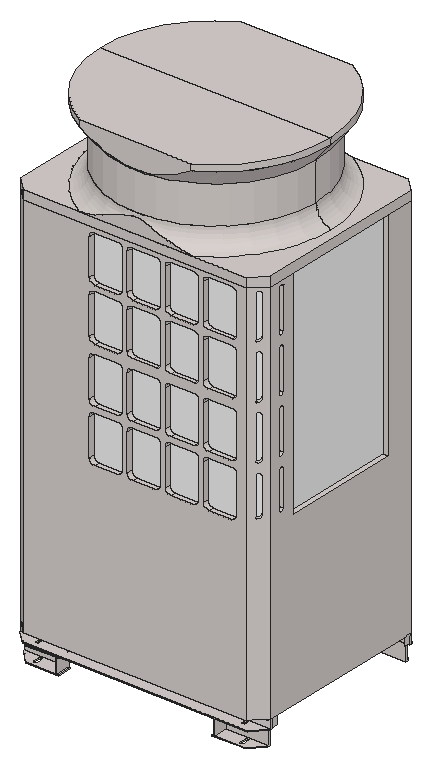
Revit family "PURY-EM200YNW-A", category Mechanical Equipment, Revit 2016
Family settings
  Part Type = Normal
  Round Connector Dimension = Use Radius
  OmniClass Number = 23.75.00.00
  OmniClass Title = Climate Control (HVAC)
  Work Plane-Based = No
  Always vertical = Yes
  Cut with Voids When Loaded = No
  Shared = No
  Room Calculation Point = No
Parameters (values of type "PURY-EM200YNW-A _380V_50Hz")
  Temp. range of heating (Outdoor temp.) (W.B.) = "-20.0 to 15.5"
  Temp. range of heating (Indoor temp.) (D.B.) = "15.0 to 27.0"
  Temp. range of cooling (Outdoor temp.) (D.B.) = "-5.0 to 52.0"
  Temp. range of cooling (Indoor temp.) (W.B.) = "15.0 to 24.0"
  Space View = yes
  Sound Pressure Level (dB(A)) Heating mode = 59
  Sound Pressure Level (dB(A)) Cooling mode = 59
  Rated Load Ampacity (A) Heating mode = 11.4
  Rated Load Ampacity (A) Cooling mode = 10.3
  Protection Devices_High pressure (MPa) = "High pressure sensor, High pressure switch at 4.15"
  Outdoor unit Breaker size (A) = 30
  Note_1 = "Refrigerant pipe diameters may change depending on the installation condition. Please refer to the installation manual."
  Model = "PURY-EM200YNW-A"
  Width = 920 mm
  Voltage = 380 V
  Unit Weight (kg) = 237
  URL = "http://www.mitsubishielectric.com/"
  Subcategory = "HVAC"
  Refrigerant type = "R32"
  Refrigerant Charge (kg) = 5.2
  Protection Devices_Inverter circuit (COMP./FAN) = "Over-heat protection, Over-current protection"
  Phase = 3
  Manufacturer = "Mitsubishi Electric Corporation"
  Maximum Circuit Ampacity (A) = 16.1
  Low pressure pipe_radius = 9.5 mm
  Indoor Unit Total Capacity = "50 to 150% of outdoor unit capacity"
  Indoor Unit Model/Quantity = "WP10 to WP125/1 to 30"
  High pressure pipe_radius = 7.94 mm
  Hertz = 50 Hz
  Height = 1858 mm
  Heating Power Input (kW) = 6.77
  Heating Current (A) = 11.4
  Heating Capacity (kW) = 25
  Heating COP (kW/kW) = 3.69
  Fan_Type = "Propeller Fan"
  Fan_Quantity = 1
  Fan Motor Output (kW) = 0.92
  External static pressure (Pa) = 0
  External Finish = "Pre-coated galvanized steel sheets (+powder coating for -BS type) <MUNSELL 5Y 8/1 or similar>"
  Depth = 740 mm
  Cooling Power Input (kW) = 6.15
  Cooling EER (kW/kW) = 3.64
  Cooling Current (A) = 10.3
  Cooling Capacity (kW) = 22.4
  Compressor_Type = "Inverter scroll hermetic compressor"
  Compressor_Quantity = 1
  Compressor_Lubricant = "MEL46EH"
  Compressor Motor Output (kW) = 6
  Airflow Rate (m3/min) = 170
  Airflow Rate (m3/h) = 10200
Reference planes
  plane 1 "Center (Front/Back)": y = 0
  plane 2: z = 0
  plane 3 "Center (Left/Right)": x = 0
  plane 4 "11": through (-415, 370, 1200) normal (0.7071, -0.7071, 0)
  plane 5 "22": through (-415, -370, 1200) normal (-0.7071, -0.7071, 0)
  plane 6 "44": through (460, 325, 1200) normal (-0.7071, -0.7071, 0)
  plane 7 "33": through (460, -325, 1200) normal (0.7071, -0.7071, 0)
  plane 8: z = 754.5
  plane 9: z = 909.5
  plane 10: x = -300
  plane 11: x = -217
  plane 12: y = 370
  plane 13: y = -370
  plane 14: x = -460
  plane 15: x = 460
  plane 16: z = 1858
Forms (mm)
  Extrusion 1, solid, material "Paint_5Y 8/1"
    sketch origin (0, 0, 113) x (-1, 0, 0) y (0, -1, 0)
      loop
        line (410, -370) -> (460, -320) -> (460, 320) -> (410, 370) -> (-410, 370) -> (-460, 320) -> (-460, -320) -> (-410, -370) -> (410, -370)
    from -18 to 1408
  Extrusion 2, void
    sketch origin (410, -370, 113) x (1, 0, 0) y (0, 0, -1)
      loop
        arc (-55, -1393.5) -> (-40.858, -1387.642) -> (-35, -1373.5) r 20
        line (-35, -1373.5) -> (-35, -1238.676)
        arc (-35, -1238.676) -> (-40.858, -1224.534) -> (-55, -1218.676) r 20
        line (-55, -1218.676) -> (-139.8, -1218.676)
        arc (-139.8, -1218.676) -> (-153.942, -1224.534) -> (-159.8, -1238.676) r 20
        line (-159.8, -1238.676) -> (-159.8, -1373.5)
        arc (-159.8, -1373.5) -> (-153.942, -1387.642) -> (-139.8, -1393.5) r 20
        line (-139.8, -1393.5) -> (-55, -1393.5)
    from 0 to 20
  Extrusion 3, void
    sketch origin (270, -370, 113) x (1, 0, 0) y (0, 0, -1)
      loop
        arc (-55, -1393.5) -> (-40.858, -1387.642) -> (-35, -1373.5) r 20
        line (-35, -1373.5) -> (-35, -1238.676)
        arc (-35, -1238.676) -> (-40.858, -1224.534) -> (-55, -1218.676) r 20
        line (-55, -1218.676) -> (-139.8, -1218.676)
        arc (-139.8, -1218.676) -> (-153.942, -1224.534) -> (-159.8, -1238.676) r 20
        line (-159.8, -1238.676) -> (-159.8, -1373.5)
        arc (-159.8, -1373.5) -> (-153.942, -1387.642) -> (-139.8, -1393.5) r 20
        line (-139.8, -1393.5) -> (-55, -1393.5)
    from 0 to 20
  Extrusion 4, void
    sketch origin (130, -370, 113) x (1, 0, 0) y (0, 0, -1)
      loop
        arc (-55, -1393.5) -> (-40.858, -1387.642) -> (-35, -1373.5) r 20
        line (-35, -1373.5) -> (-35, -1238.676)
        arc (-35, -1238.676) -> (-40.858, -1224.534) -> (-55, -1218.676) r 20
        line (-55, -1218.676) -> (-139.8, -1218.676)
        arc (-139.8, -1218.676) -> (-153.942, -1224.534) -> (-159.8, -1238.676) r 20
        line (-159.8, -1238.676) -> (-159.8, -1373.5)
        arc (-159.8, -1373.5) -> (-153.942, -1387.642) -> (-139.8, -1393.5) r 20
        line (-139.8, -1393.5) -> (-55, -1393.5)
    from 0 to 20
  Extrusion 5, void
    sketch origin (-10, -370, 113) x (1, 0, 0) y (0, 0, -1)
      loop
        arc (-55, -1393.5) -> (-40.858, -1387.642) -> (-35, -1373.5) r 20
        line (-35, -1373.5) -> (-35, -1238.676)
        arc (-35, -1238.676) -> (-40.858, -1224.534) -> (-55, -1218.676) r 20
        line (-55, -1218.676) -> (-139.8, -1218.676)
        arc (-139.8, -1218.676) -> (-153.942, -1224.534) -> (-159.8, -1238.676) r 20
        line (-159.8, -1238.676) -> (-159.8, -1373.5)
        arc (-159.8, -1373.5) -> (-153.942, -1387.642) -> (-139.8, -1393.5) r 20
        line (-139.8, -1393.5) -> (-55, -1393.5)
    from 0 to 20
  Extrusion 6, void
    sketch origin (410, -370, -81) x (1, 0, 0) y (0, 0, -1)
      loop
        arc (-55, -1393.5) -> (-40.858, -1387.642) -> (-35, -1373.5) r 20
        line (-35, -1373.5) -> (-35, -1238.676)
        arc (-35, -1238.676) -> (-40.858, -1224.534) -> (-55, -1218.676) r 20
        line (-55, -1218.676) -> (-139.8, -1218.676)
        arc (-139.8, -1218.676) -> (-153.942, -1224.534) -> (-159.8, -1238.676) r 20
        line (-159.8, -1238.676) -> (-159.8, -1373.5)
        arc (-159.8, -1373.5) -> (-153.942, -1387.642) -> (-139.8, -1393.5) r 20
        line (-139.8, -1393.5) -> (-55, -1393.5)
    from 0 to 20
  Extrusion 7, void
    sketch origin (270, -370, -81) x (1, 0, 0) y (0, 0, -1)
      loop
        arc (-55, -1393.5) -> (-40.858, -1387.642) -> (-35, -1373.5) r 20
        line (-35, -1373.5) -> (-35, -1238.676)
        arc (-35, -1238.676) -> (-40.858, -1224.534) -> (-55, -1218.676) r 20
        line (-55, -1218.676) -> (-139.8, -1218.676)
        arc (-139.8, -1218.676) -> (-153.942, -1224.534) -> (-159.8, -1238.676) r 20
        line (-159.8, -1238.676) -> (-159.8, -1373.5)
        arc (-159.8, -1373.5) -> (-153.942, -1387.642) -> (-139.8, -1393.5) r 20
        line (-139.8, -1393.5) -> (-55, -1393.5)
    from 0 to 20
  Extrusion 8, void
    sketch origin (130, -370, -81) x (1, 0, 0) y (0, 0, -1)
      loop
        arc (-55, -1393.5) -> (-40.858, -1387.642) -> (-35, -1373.5) r 20
        line (-35, -1373.5) -> (-35, -1238.676)
        arc (-35, -1238.676) -> (-40.858, -1224.534) -> (-55, -1218.676) r 20
        line (-55, -1218.676) -> (-139.8, -1218.676)
        arc (-139.8, -1218.676) -> (-153.942, -1224.534) -> (-159.8, -1238.676) r 20
        line (-159.8, -1238.676) -> (-159.8, -1373.5)
        arc (-159.8, -1373.5) -> (-153.942, -1387.642) -> (-139.8, -1393.5) r 20
        line (-139.8, -1393.5) -> (-55, -1393.5)
    from 0 to 20
  Extrusion 9, void
    sketch origin (-10, -370, -81) x (1, 0, 0) y (0, 0, -1)
      loop
        arc (-55, -1393.5) -> (-40.858, -1387.642) -> (-35, -1373.5) r 20
        line (-35, -1373.5) -> (-35, -1238.676)
        arc (-35, -1238.676) -> (-40.858, -1224.534) -> (-55, -1218.676) r 20
        line (-55, -1218.676) -> (-139.8, -1218.676)
        arc (-139.8, -1218.676) -> (-153.942, -1224.534) -> (-159.8, -1238.676) r 20
        line (-159.8, -1238.676) -> (-159.8, -1373.5)
        arc (-159.8, -1373.5) -> (-153.942, -1387.642) -> (-139.8, -1393.5) r 20
        line (-139.8, -1393.5) -> (-55, -1393.5)
    from 0 to 20
  Extrusion 10, void
    sketch origin (410, -370, -287) x (1, 0, 0) y (0, 0, -1)
      loop
        arc (-55, -1393.5) -> (-40.858, -1387.642) -> (-35, -1373.5) r 20
        line (-35, -1373.5) -> (-35, -1238.676)
        arc (-35, -1238.676) -> (-40.858, -1224.534) -> (-55, -1218.676) r 20
        line (-55, -1218.676) -> (-139.8, -1218.676)
        arc (-139.8, -1218.676) -> (-153.942, -1224.534) -> (-159.8, -1238.676) r 20
        line (-159.8, -1238.676) -> (-159.8, -1373.5)
        arc (-159.8, -1373.5) -> (-153.942, -1387.642) -> (-139.8, -1393.5) r 20
        line (-139.8, -1393.5) -> (-55, -1393.5)
    from 0 to 20
  Extrusion 11, void
    sketch origin (270, -370, -287) x (1, 0, 0) y (0, 0, -1)
      loop
        arc (-55, -1393.5) -> (-40.858, -1387.642) -> (-35, -1373.5) r 20
        line (-35, -1373.5) -> (-35, -1238.676)
        arc (-35, -1238.676) -> (-40.858, -1224.534) -> (-55, -1218.676) r 20
        line (-55, -1218.676) -> (-139.8, -1218.676)
        arc (-139.8, -1218.676) -> (-153.942, -1224.534) -> (-159.8, -1238.676) r 20
        line (-159.8, -1238.676) -> (-159.8, -1373.5)
        arc (-159.8, -1373.5) -> (-153.942, -1387.642) -> (-139.8, -1393.5) r 20
        line (-139.8, -1393.5) -> (-55, -1393.5)
    from 0 to 20
  Extrusion 12, void
    sketch origin (130, -370, -287) x (1, 0, 0) y (0, 0, -1)
      loop
        arc (-55, -1393.5) -> (-40.858, -1387.642) -> (-35, -1373.5) r 20
        line (-35, -1373.5) -> (-35, -1238.676)
        arc (-35, -1238.676) -> (-40.858, -1224.534) -> (-55, -1218.676) r 20
        line (-55, -1218.676) -> (-139.8, -1218.676)
        arc (-139.8, -1218.676) -> (-153.942, -1224.534) -> (-159.8, -1238.676) r 20
        line (-159.8, -1238.676) -> (-159.8, -1373.5)
        arc (-159.8, -1373.5) -> (-153.942, -1387.642) -> (-139.8, -1393.5) r 20
        line (-139.8, -1393.5) -> (-55, -1393.5)
    from 0 to 20
  Extrusion 13, void
    sketch origin (-10, -370, -287) x (1, 0, 0) y (0, 0, -1)
      loop
        arc (-55, -1393.5) -> (-40.858, -1387.642) -> (-35, -1373.5) r 20
        line (-35, -1373.5) -> (-35, -1238.676)
        arc (-35, -1238.676) -> (-40.858, -1224.534) -> (-55, -1218.676) r 20
        line (-55, -1218.676) -> (-139.8, -1218.676)
        arc (-139.8, -1218.676) -> (-153.942, -1224.534) -> (-159.8, -1238.676) r 20
        line (-159.8, -1238.676) -> (-159.8, -1373.5)
        arc (-159.8, -1373.5) -> (-153.942, -1387.642) -> (-139.8, -1393.5) r 20
        line (-139.8, -1393.5) -> (-55, -1393.5)
    from 0 to 20
  Extrusion 14, void
    sketch origin (410, -370, -481) x (1, 0, 0) y (0, 0, -1)
      loop
        arc (-55, -1393.5) -> (-40.858, -1387.642) -> (-35, -1373.5) r 20
        line (-35, -1373.5) -> (-35, -1238.676)
        arc (-35, -1238.676) -> (-40.858, -1224.534) -> (-55, -1218.676) r 20
        line (-55, -1218.676) -> (-139.8, -1218.676)
        arc (-139.8, -1218.676) -> (-153.942, -1224.534) -> (-159.8, -1238.676) r 20
        line (-159.8, -1238.676) -> (-159.8, -1373.5)
        arc (-159.8, -1373.5) -> (-153.942, -1387.642) -> (-139.8, -1393.5) r 20
        line (-139.8, -1393.5) -> (-55, -1393.5)
    from 0 to 20
  Extrusion 15, void
    sketch origin (270, -370, -481) x (1, 0, 0) y (0, 0, -1)
      loop
        arc (-55, -1393.5) -> (-40.858, -1387.642) -> (-35, -1373.5) r 20
        line (-35, -1373.5) -> (-35, -1238.676)
        arc (-35, -1238.676) -> (-40.858, -1224.534) -> (-55, -1218.676) r 20
        line (-55, -1218.676) -> (-139.8, -1218.676)
        arc (-139.8, -1218.676) -> (-153.942, -1224.534) -> (-159.8, -1238.676) r 20
        line (-159.8, -1238.676) -> (-159.8, -1373.5)
        arc (-159.8, -1373.5) -> (-153.942, -1387.642) -> (-139.8, -1393.5) r 20
        line (-139.8, -1393.5) -> (-55, -1393.5)
    from 0 to 20
  Extrusion 16, void
    sketch origin (130, -370, -481) x (1, 0, 0) y (0, 0, -1)
      loop
        arc (-55, -1393.5) -> (-40.858, -1387.642) -> (-35, -1373.5) r 20
        line (-35, -1373.5) -> (-35, -1238.676)
        arc (-35, -1238.676) -> (-40.858, -1224.534) -> (-55, -1218.676) r 20
        line (-55, -1218.676) -> (-139.8, -1218.676)
        arc (-139.8, -1218.676) -> (-153.942, -1224.534) -> (-159.8, -1238.676) r 20
        line (-159.8, -1238.676) -> (-159.8, -1373.5)
        arc (-159.8, -1373.5) -> (-153.942, -1387.642) -> (-139.8, -1393.5) r 20
        line (-139.8, -1393.5) -> (-55, -1393.5)
    from 0 to 20
  Extrusion 17, void
    sketch origin (-10, -370, -481) x (1, 0, 0) y (0, 0, -1)
      loop
        arc (-55, -1393.5) -> (-40.858, -1387.642) -> (-35, -1373.5) r 20
        line (-35, -1373.5) -> (-35, -1238.676)
        arc (-35, -1238.676) -> (-40.858, -1224.534) -> (-55, -1218.676) r 20
        line (-55, -1218.676) -> (-139.8, -1218.676)
        arc (-139.8, -1218.676) -> (-153.942, -1224.534) -> (-159.8, -1238.676) r 20
        line (-159.8, -1238.676) -> (-159.8, -1373.5)
        arc (-159.8, -1373.5) -> (-153.942, -1387.642) -> (-139.8, -1393.5) r 20
        line (-139.8, -1393.5) -> (-55, -1393.5)
    from 0 to 20
  Extrusion 18, solid
    sketch origin (0, -189, -3) x (0, 0, -1) y (-1, 0, 0)
      loop
        circle (-179, 217) r 9.525
    from 0 to 150
  Extrusion 19, solid
    sketch origin (0, -172, -3) x (0, 0, -1) y (-1, 0, 0)
      loop
        circle (-179, 300) r 7.94
    from 0 to 150
  Extrusion 20, void
    sketch origin (-460, -320, 113) x (0, -1, 0) y (0, 0, -1)
      loop
        line (-611.5, -1236.511) -> (-611.5, -1386.5)
        arc (-611.5, -1386.5) -> (-601.5, -1396.5) -> (-591.5, -1386.5) r 10
        line (-591.5, -1386.5) -> (-591.5, -1236.511)
        arc (-591.5, -1236.511) -> (-601.5, -1226.511) -> (-611.5, -1236.511) r 10
    from 0 to 20
  Extrusion 21, void
    sketch origin (-460, -320, -87.006) x (0, -1, 0) y (0, 0, -1)
      loop
        line (-611.5, -1236.511) -> (-611.5, -1386.5)
        arc (-611.5, -1386.5) -> (-601.5, -1396.5) -> (-591.5, -1386.5) r 10
        line (-591.5, -1386.5) -> (-591.5, -1236.511)
        arc (-591.5, -1236.511) -> (-601.5, -1226.511) -> (-611.5, -1236.511) r 10
    from 0 to 20
  Extrusion 22, void
    sketch origin (-460, -320, -287.006) x (0, -1, 0) y (0, 0, -1)
      loop
        line (-611.5, -1236.511) -> (-611.5, -1386.5)
        arc (-611.5, -1386.5) -> (-601.5, -1396.5) -> (-591.5, -1386.5) r 10
        line (-591.5, -1386.5) -> (-591.5, -1236.511)
        arc (-591.5, -1236.511) -> (-601.5, -1226.511) -> (-611.5, -1236.511) r 10
    from 0 to 20
  Extrusion 23, void
    sketch origin (-460, -320, -479.506) x (0, -1, 0) y (0, 0, -1)
      loop
        line (-611.5, -1244.006) -> (-611.5, -1379.006)
        arc (-611.5, -1379.006) -> (-601.5, -1389.006) -> (-591.5, -1379.006) r 10
        line (-591.5, -1379.006) -> (-591.5, -1244.006)
        arc (-591.5, -1244.006) -> (-601.5, -1234.006) -> (-611.5, -1244.006) r 10
    from 0 to 20
  Extrusion 24, void
    sketch origin (-460, -320, 113) x (0, -1, 0) y (0, 0, -1)
      loop
        line (-543, -1408) -> (-215, -1408) -> (-215, -632) -> (-543, -632) -> (-543, -1408)
    from 0 to 20
  Extrusion 25, void
    sketch origin (-410, 370, 113) x (0.707107, 0.707107, 0) y (0, 0, 1)
      loop
        line (-27.158, 1236.539) -> (-27.158, 1386.461)
        arc (-27.158, 1386.461) -> (-37.158, 1396.461) -> (-47.158, 1386.461) r 10
        line (-47.158, 1386.461) -> (-47.158, 1236.539)
        arc (-47.158, 1236.539) -> (-37.158, 1226.539) -> (-27.158, 1236.539) r 10
      loop
        line (-27.158, 1036.539) -> (-27.158, 1186.461)
        arc (-27.158, 1186.461) -> (-37.158, 1196.461) -> (-47.158, 1186.461) r 10
        line (-47.158, 1186.461) -> (-47.158, 1036.539)
        arc (-47.158, 1036.539) -> (-37.158, 1026.539) -> (-27.158, 1036.539) r 10
      loop
        line (-27.158, 836.539) -> (-27.158, 986.461)
        arc (-27.158, 986.461) -> (-37.158, 996.461) -> (-47.158, 986.461) r 10
        line (-47.158, 986.461) -> (-47.158, 836.539)
        arc (-47.158, 836.539) -> (-37.158, 826.539) -> (-27.158, 836.539) r 10
      loop
        line (-27.158, 652.5) -> (-27.158, 785.5)
        arc (-27.158, 785.5) -> (-37.158, 795.5) -> (-47.158, 785.5) r 10
        line (-47.158, 785.5) -> (-47.158, 652.5)
        arc (-47.158, 652.5) -> (-37.158, 642.5) -> (-27.158, 652.5) r 10
    from 0 to 20
  Extrusion 26, void
    sketch origin (460, -320, 113) x (0.707107, 0.707107, 0) y (0, 0, -1)
      loop
        arc (-25.5, -1236.423) -> (-35.5, -1226.423) -> (-45.5, -1236.423) r 10
        line (-45.5, -1236.423) -> (-45.5, -1386.487)
        arc (-45.5, -1386.487) -> (-35.5, -1396.487) -> (-25.5, -1386.487) r 10
        line (-25.5, -1386.487) -> (-25.5, -1236.423)
    from 0 to 20
  Extrusion 27, void
    sketch origin (460, -320, -86.884) x (0.707107, 0.707107, 0) y (0, 0, -1)
      loop
        arc (-25.5, -1236.423) -> (-35.5, -1226.423) -> (-45.5, -1236.423) r 10
        line (-45.5, -1236.423) -> (-45.5, -1386.487)
        arc (-45.5, -1386.487) -> (-35.5, -1396.487) -> (-25.5, -1386.487) r 10
        line (-25.5, -1386.487) -> (-25.5, -1236.423)
    from 0 to 20
  Extrusion 28, void
    sketch origin (460, -320, -286.884) x (0.707107, 0.707107, 0) y (0, 0, -1)
      loop
        arc (-25.5, -1236.423) -> (-35.5, -1226.423) -> (-45.5, -1236.423) r 10
        line (-45.5, -1236.423) -> (-45.5, -1386.487)
        arc (-45.5, -1386.487) -> (-35.5, -1396.487) -> (-25.5, -1386.487) r 10
        line (-25.5, -1386.487) -> (-25.5, -1236.423)
    from 0 to 20
  Extrusion 29, void
    sketch origin (460, -320, -487.987) x (0.707107, 0.707107, 0) y (0, 0, -1)
      loop
        arc (-25.5, -1253.487) -> (-35.5, -1243.487) -> (-45.5, -1253.487) r 10
        line (-45.5, -1253.487) -> (-45.5, -1386.487)
        arc (-45.5, -1386.487) -> (-35.5, -1396.487) -> (-25.5, -1386.487) r 10
        line (-25.5, -1386.487) -> (-25.5, -1253.487)
    from 0 to 20
  Extrusion 30, void
    sketch origin (460, 320, 113) x (0, 1, 0) y (0, 0, -1)
      loop
        line (-604, -1236.423) -> (-604, -1386.487)
        arc (-604, -1386.487) -> (-594, -1396.487) -> (-584, -1386.487) r 10
        line (-584, -1386.487) -> (-584, -1236.423)
        arc (-584, -1236.423) -> (-594, -1226.423) -> (-604, -1236.423) r 10
      loop
        line (-604, -1036.539) -> (-604, -1186.603)
        arc (-604, -1186.603) -> (-594, -1196.603) -> (-584, -1186.603) r 10
        line (-584, -1186.603) -> (-584, -1036.539)
        arc (-584, -1036.539) -> (-594, -1026.539) -> (-604, -1036.539) r 10
      loop
        line (-604, -836.539) -> (-604, -986.603)
        arc (-604, -986.603) -> (-594, -996.603) -> (-584, -986.603) r 10
        line (-584, -986.603) -> (-584, -836.539)
        arc (-584, -836.539) -> (-594, -826.539) -> (-604, -836.539) r 10
      loop
        line (-604, -652.5) -> (-604, -785.5)
        arc (-604, -785.5) -> (-594, -795.5) -> (-584, -785.5) r 10
        line (-584, -785.5) -> (-584, -652.5)
        arc (-584, -652.5) -> (-594, -642.5) -> (-604, -652.5) r 10
    from 0 to 20
  Extrusion 31, void
    sketch origin (460, 320, 113) x (0, 1, 0) y (0, 0, -1)
      loop
        line (-542, -1408) -> (-100, -1408) -> (-100, -611.5) -> (-542, -611.5) -> (-542, -1408)
    from 0 to 20
  Extrusion 32, void
    sketch origin (-410, 370, 113) x (-1, 0, 0) y (0, 0, -1)
      loop
        line (-718, -1408) -> (-47, -1408) -> (-47, -613) -> (-718, -613) -> (-718, -1408)
    from 0 to 20
Cuts and joins
  Extrusion 2, Extrusion 3, Extrusion 4, Extrusion 5, Extrusion 6, Extrusion 7, Extrusion 8, Extrusion 9, Extrusion 10, Extrusion 11, Extrusion 12, Extrusion 13, Extrusion 14, Extrusion 15, Extrusion 16, Extrusion 17, Extrusion 20, Extrusion 21, Extrusion 22, Extrusion 23, Extrusion 24, Extrusion 25, Extrusion 26, Extrusion 27, Extrusion 28, Extrusion 29, Extrusion 30, Extrusion 31, Extrusion 32 cuts Extrusion 1
Lines and regions (mm)
  model lines
    curve 1: line (-390, -370, 716) -> (390, -370, 716)
    curve 2: line (-390, -370, 1521) -> (-390, -370, 95)
    curve 3: line (390, -370, 1521) -> (390, -370, 95)
    curve 4: line (-172, -370, 95) -> (-172, -370, 207.5)
    curve 5: line (390, -370, 224.5) -> (199, -370, 224.5)
    curve 6: line (172, -370, 197.5) -> (172, -370, 95)
    curve 7: arc (-189, -370, 224.5) -> (-176.979, -370, 219.521) -> (-172, -370, 207.5) r 17
    curve 8: arc (199, -370, 224.5) -> (179.908, -370, 216.592) -> (172, -370, 197.5) r 27
    curve 9: line (-192, -291, 95) -> (-322, -291, 95)
    curve 10: line (-182, -207, 95) -> (-182, -281, 95)
    curve 11: line (-322, -197, 95) -> (-192, -197, 95)
    curve 12: line (-332, -281, 95) -> (-332, -207, 95)
    curve 13: arc (-332, -281, 95) -> (-329.071, -288.071, 95) -> (-322, -291, 95) r 10
    curve 14: arc (-192, -291, 95) -> (-184.929, -288.071, 95) -> (-182, -281, 95) r 10
    curve 15: arc (-182, -207, 95) -> (-184.929, -199.929, 95) -> (-192, -197, 95) r 10
    curve 16: arc (-322, -197, 95) -> (-329.071, -199.929, 95) -> (-332, -207, 95) r 10
    curve 25: line (-219, -370, 1521) -> (-219, -370, 716)
    curve 26: line (-189, -370, 224.5) -> (-390, -370, 224.5)
    curve 27: circle (308, -185, 95) r 26 normal (0, 0, 1)
    curve 28: circle (288, -260, 95) r 32.5 normal (0, 0, 1)
    curve 29: circle (244, -204, 95) r 17 normal (0, 0, 1)
    curve 30: line (-460, 243, 1521) -> (-460, 243, 95)
    curve 32: line (-460, 243, 705) -> (-460, -155, 705)
    curve 33: line (-460, -155, 95) -> (-460, -155, 1521)
    curve 34: line (-460, 223, 1521) -> (-460, 223, 705)
    curve 35: line (-460, -105, 1521) -> (-460, -105, 705)
    curve 36: line (-460, -95.983, 267.745) -> (-460, 184, 267.745)
    curve 37: line (-460, 184, 247.745) -> (-460, -95.983, 247.745)
    curve 38: arc (-460, -95.983, 247.745) -> (-460, -105.983, 257.745) -> (-460, -95.983, 267.745) r 10
    curve 39: arc (-460, 184, 267.745) -> (-460, 194, 257.745) -> (-460, 184, 247.745) r 10
    curve 40: line (-460, -95.983, 372.745) -> (-460, 184, 372.745)
    curve 41: line (-460, 184, 352.745) -> (-460, -95.983, 352.745)
    curve 42: arc (-460, -95.983, 352.745) -> (-460, -105.983, 362.745) -> (-460, -95.983, 372.745) r 10
    curve 43: arc (-460, 184, 372.745) -> (-460, 194, 362.745) -> (-460, 184, 352.745) r 10
    curve 44: line (-460, -95.983, 477.745) -> (-460, 184, 477.745)
    curve 45: line (-460, 184, 457.745) -> (-460, -95.983, 457.745)
    curve 46: arc (-460, -95.983, 457.745) -> (-460, -105.983, 467.745) -> (-460, -95.983, 477.745) r 10
    curve 47: arc (-460, 184, 477.745) -> (-460, 194, 467.745) -> (-460, 184, 457.745) r 10
    curve 48: line (-460, -95.983, 582.745) -> (-460, 184, 582.745)
    curve 49: line (-460, 184, 562.745) -> (-460, -95.983, 562.745)
    curve 50: arc (-460, -95.983, 562.745) -> (-460, -105.983, 572.745) -> (-460, -95.983, 582.745) r 10
    curve 51: arc (-460, 184, 582.745) -> (-460, 194, 572.745) -> (-460, 184, 562.745) r 10
    curve 52: line (-110, -370, 269) -> (110, -370, 269)
    curve 53: line (110, -370, 249) -> (-110, -370, 249)
    curve 54: arc (-120, -370, 259) -> (-117.071, -370, 266.071) -> (-110, -370, 269) r 10
    curve 55: arc (-110, -370, 249) -> (-117.071, -370, 251.929) -> (-120, -370, 259) r 10
    curve 56: arc (110, -370, 269) -> (117.071, -370, 266.071) -> (120, -370, 259) r 10
    curve 57: arc (120, -370, 259) -> (117.071, -370, 251.929) -> (110, -370, 249) r 10
    curve 58: line (-222.5, -370, 584) -> (222.5, -370, 584)
    curve 59: line (222.5, -370, 564) -> (-222.5, -370, 564)
    curve 60: arc (-222.5, -370, 584) -> (-229.571, -370, 581.071) -> (-232.5, -370, 574) r 10
    curve 61: arc (222.5, -370, 584) -> (229.571, -370, 581.071) -> (232.5, -370, 574) r 10
    curve 62: arc (232.5, -370, 574) -> (229.571, -370, 566.929) -> (222.5, -370, 564) r 10
    curve 63: arc (-222.5, -370, 564) -> (-229.571, -370, 566.929) -> (-232.5, -370, 574) r 10
    curve 64: line (-222.5, -370, 479) -> (222.5, -370, 479)
    curve 65: line (222.5, -370, 459) -> (-222.5, -370, 459)
    curve 66: arc (-222.5, -370, 479) -> (-229.571, -370, 476.071) -> (-232.5, -370, 469) r 10
    curve 67: arc (222.5, -370, 479) -> (229.571, -370, 476.071) -> (232.5, -370, 469) r 10
    curve 68: arc (232.5, -370, 469) -> (229.571, -370, 461.929) -> (222.5, -370, 459) r 10
    curve 69: arc (-222.5, -370, 459) -> (-229.571, -370, 461.929) -> (-232.5, -370, 469) r 10
    curve 70: line (-222.5, -370, 374) -> (222.5, -370, 374)
    curve 71: line (222.5, -370, 354) -> (-222.5, -370, 354)
    curve 72: arc (-222.5, -370, 374) -> (-229.571, -370, 371.071) -> (-232.5, -370, 364) r 10
    curve 73: arc (222.5, -370, 374) -> (229.571, -370, 371.071) -> (232.5, -370, 364) r 10
    curve 74: arc (232.5, -370, 364) -> (229.571, -370, 356.929) -> (222.5, -370, 354) r 10
    curve 75: arc (-222.5, -370, 354) -> (-229.571, -370, 356.929) -> (-232.5, -370, 364) r 10
    curve 76: line (460, -237.5, 1521) -> (460, -237.5, 95)
    curve 77: line (460, -237.5, 705) -> (460, 236.5, 705)
    curve 78: line (460, -237.5, 724.5) -> (460, 236.5, 724.5)
    curve 79: line (460, 236.5, 1521) -> (460, 236.5, 95)
    curve 80: line (327.5, 370, 1521) -> (327.5, 370, 95)
    curve 81: line (308, 370, 1521) -> (308, 370, 706)
    curve 82: line (327.5, 370, 706) -> (-382.5, 370, 706)
    curve 83: line (-382.5, 370, 1521) -> (-382.5, 370, 95)
    curve 84: line (-363, 370, 1521) -> (-363, 370, 706)
    curve 85: line (460, -140.491, 267.745) -> (460, 139.491, 267.745)
    curve 86: line (460, 139.491, 247.745) -> (460, -140.491, 247.745)
    curve 87: arc (460, -140.491, 247.745) -> (460, -150.491, 257.745) -> (460, -140.491, 267.745) r 10
    curve 88: arc (460, 139.491, 267.745) -> (460, 149.491, 257.745) -> (460, 139.491, 247.745) r 10
    curve 89: line (460, -140.491, 372.745) -> (460, 139.491, 372.745)
    curve 90: line (460, 139.491, 352.745) -> (460, -140.491, 352.745)
    curve 91: arc (460, -140.491, 352.745) -> (460, -150.491, 362.745) -> (460, -140.491, 372.745) r 10
    curve 92: arc (460, 139.491, 372.745) -> (460, 149.491, 362.745) -> (460, 139.491, 352.745) r 10
    curve 93: line (460, -140.491, 477.745) -> (460, 139.491, 477.745)
    curve 94: line (460, 139.491, 457.745) -> (460, -140.491, 457.745)
    curve 95: arc (460, -140.491, 457.745) -> (460, -150.491, 467.745) -> (460, -140.491, 477.745) r 10
    curve 96: arc (460, 139.491, 477.745) -> (460, 149.491, 467.745) -> (460, 139.491, 457.745) r 10
    curve 97: line (460, -140.491, 582.745) -> (460, 139.491, 582.745)
    curve 98: line (460, 139.491, 562.745) -> (460, -140.491, 562.745)
    curve 99: arc (460, -140.491, 562.745) -> (460, -150.491, 572.745) -> (460, -140.491, 582.745) r 10
    curve 100: arc (460, 139.491, 582.745) -> (460, 149.491, 572.745) -> (460, 139.491, 562.745) r 10
    curve 101: line (-222.5, 370, 584) -> (222.5, 370, 584)
    curve 102: line (222.5, 370, 564) -> (-222.5, 370, 564)
    curve 103: arc (-222.5, 370, 584) -> (-229.571, 370, 581.071) -> (-232.5, 370, 574) r 10
    curve 104: arc (222.5, 370, 584) -> (229.571, 370, 581.071) -> (232.5, 370, 574) r 10
    curve 105: arc (232.5, 370, 574) -> (229.571, 370, 566.929) -> (222.5, 370, 564) r 10
    curve 106: arc (-222.5, 370, 564) -> (-229.571, 370, 566.929) -> (-232.5, 370, 574) r 10
    curve 107: line (-222.5, 370, 479) -> (222.5, 370, 479)
    curve 108: line (222.5, 370, 459) -> (-222.5, 370, 459)
    curve 109: arc (-222.5, 370, 479) -> (-229.571, 370, 476.071) -> (-232.5, 370, 469) r 10
    curve 110: arc (222.5, 370, 479) -> (229.571, 370, 476.071) -> (232.5, 370, 469) r 10
    curve 111: arc (232.5, 370, 469) -> (229.571, 370, 461.929) -> (222.5, 370, 459) r 10
    curve 112: arc (-222.5, 370, 459) -> (-229.571, 370, 461.929) -> (-232.5, 370, 469) r 10
    curve 113: line (-222.5, 370, 374) -> (222.5, 370, 374)
    curve 114: line (222.5, 370, 354) -> (-222.5, 370, 354)
    curve 115: arc (-222.5, 370, 374) -> (-229.571, 370, 371.071) -> (-232.5, 370, 364) r 10
    curve 116: arc (222.5, 370, 374) -> (229.571, 370, 371.071) -> (232.5, 370, 364) r 10
    curve 117: arc (232.5, 370, 364) -> (229.571, 370, 356.929) -> (222.5, 370, 354) r 10
    curve 118: arc (-222.5, 370, 354) -> (-229.571, 370, 356.929) -> (-232.5, 370, 364) r 10
    curve 119: line (-222.5, 370, 269) -> (222.5, 370, 269)
    curve 120: line (222.5, 370, 249) -> (-222.5, 370, 249)
    curve 121: arc (-222.5, 370, 269) -> (-229.571, 370, 266.071) -> (-232.5, 370, 259) r 10
    curve 122: arc (222.5, 370, 269) -> (229.571, 370, 266.071) -> (232.5, 370, 259) r 10
    curve 123: arc (232.5, 370, 259) -> (229.571, 370, 251.929) -> (222.5, 370, 249) r 10
    curve 124: arc (-222.5, 370, 249) -> (-229.571, 370, 251.929) -> (-232.5, 370, 259) r 10
    curve 125: line (-325, -370, 131) -> (-197, -370, 131)
    curve 126: line (-335, -370, 205) -> (-335, -370, 141)
    curve 127: line (-197, -370, 215) -> (-325, -370, 215)
    curve 128: line (-187, -370, 141) -> (-187, -370, 205)
    curve 129: arc (-335, -370, 205) -> (-332.071, -370, 212.071) -> (-325, -370, 215) r 10
    curve 130: arc (-197, -370, 215) -> (-189.929, -370, 212.071) -> (-187, -370, 205) r 10
    curve 131: arc (-335, -370, 141) -> (-332.071, -370, 133.929) -> (-325, -370, 131) r 10
    curve 132: arc (-197, -370, 131) -> (-189.929, -370, 133.929) -> (-187, -370, 141) r 10
    curve 133: circle (328, -370, 170) r 20 normal (0, -1, 0)
    curve 134: circle (328, -370, 170) r 32.5 normal (0, -1, 0)
    curve 135: circle (253, -370, 185) r 13.5 normal (0, -1, 0)
    curve 136: circle (253, -370, 185) r 26 normal (0, -1, 0)
    curve 137: circle (204, -370, 150) r 17 normal (0, -1, 0)
  model lines, not visible
    curve 17: line (487.5, -370, 703) -> (492.5, -370, 703)
    curve 18: line (477.5, -370, 363) -> (477.5, -370, 693)
    curve 19: line (492.5, -370, 353) -> (487.5, -370, 353)
    curve 20: line (502.5, -370, 693) -> (502.5, -370, 363)
    curve 21: arc (487.5, -370, 703) -> (480.429, -370, 700.071) -> (477.5, -370, 693) r 10
    curve 22: arc (492.5, -370, 703) -> (499.571, -370, 700.071) -> (502.5, -370, 693) r 10
    curve 23: arc (502.5, -370, 363) -> (499.571, -370, 355.929) -> (492.5, -370, 353) r 10
    curve 24: arc (477.5, -370, 363) -> (480.429, -370, 355.929) -> (487.5, -370, 353) r 10
  reference lines
    curve 31: line (-410, 370, 0) -> (-460, 320, 0)
Dimensions and locks
  nested 1 to level = 1858 mm
  nested 1 to nested 1 = 303 mm
  nested 5 to nested 5 = 60 mm
  nested 1 to nested 2 = 1495 mm
  Extrusion 1 to Extrusion 1 = 920 mm
  Extrusion 2 sketch curve to Extrusion 2 sketch curve = 174.824 mm
  Extrusion 3 sketch curve to Extrusion 3 sketch curve = 174.824 mm
  equal spacing: group 5, group 4, group 3, group 2
  equal spacing: group 2, group 3, group 4, group 5  (x2)
  Extrusion 4 sketch curve to Extrusion 4 sketch curve = 174.824 mm
  Extrusion 5 sketch curve to Extrusion 5 sketch curve = 174.824 mm
  Extrusion 6 sketch curve to Extrusion 6 sketch curve = 174.824 mm
  Extrusion 7 sketch curve to Extrusion 7 sketch curve = 174.824 mm
  Extrusion 8 sketch curve to Extrusion 8 sketch curve = 174.824 mm
  Extrusion 9 sketch curve to Extrusion 9 sketch curve = 174.824 mm
  Extrusion 10 sketch curve to Extrusion 10 sketch curve = 174.824 mm
  Extrusion 11 sketch curve to Extrusion 11 sketch curve = 174.824 mm
  Extrusion 12 sketch curve to Extrusion 12 sketch curve = 174.824 mm
  Extrusion 13 sketch curve to Extrusion 13 sketch curve = 174.824 mm
  Extrusion 14 sketch curve to Extrusion 14 sketch curve = 174.824 mm
  Extrusion 15 sketch curve to Extrusion 15 sketch curve = 174.824 mm
  Extrusion 16 sketch curve to Extrusion 16 sketch curve = 174.824 mm
  Extrusion 17 sketch curve to Extrusion 17 sketch curve = 174.824 mm
  cut or joined group 1 (Extrusion 1, Extrusion 2, Extrusion 3, Extrusion 4, Extrusion 5, Extrusion 6, Extrusion 7, Extrusion 8, Extrusion 9, Extrusion 10, Extrusion 11, Extrusion 12, Extrusion 13, Extrusion 14, Extrusion 15, Extrusion 16, Extrusion 17, Extrusion 20, Extrusion 21, Extrusion 22, Extrusion 23, Extrusion 24, Extrusion 25, Extrusion 26, Extrusion 27, Extrusion 28, Extrusion 29, Extrusion 30, Extrusion 31, Extrusion 32) to cut or joined group 1 = 820 mm
  cut or joined group 1 to cut or joined group 1 = 920 mm
  cut or joined group 1 to cut or joined group 1 = 740 mm
  nested 5 to cut or joined group 1 = 80 mm
  cut or joined group 1 to nested 4 to nested 5 = 80 mm, 760 mm
  cut or joined group 1 to nested 2 = 29.5 mm
  cut or joined group 1 to nested 3 to nested 2 = 29.5 mm, 681 mm
  cut or joined group 1 to cut or joined group 1 = 35 mm
  plane 6 "44" to cut or joined group 1 = 3.536 mm
  Extrusion 25 sketch curve to Extrusion 25 sketch curve = 20 mm
  cut or joined group 1 to cut or joined group 1 = 50 mm
  locked: Extrusion 19 to nested 2 at 116
  curve 137 to nested 2 = 90 mm
  curve 135 to nested 2 = 125 mm
  curve 133 to nested 2 = 110 mm
  cut or joined group 1 to curve 133 = 132 mm
  cut or joined group 1 to curve 135 = 207 mm
  cut or joined group 1 to curve 137 = 256 mm
  cut or joined group 1 to curve 126 to curve 128 = 125 mm, 148 mm
  curve 127 to curve 125 to nested 2 = 84 mm, 71 mm
  cut or joined group 1 to Extrusion 19 = 198 mm
  cut or joined group 1 to Extrusion 18 = 181 mm
  cut or joined group 1 to curve 29 = 166 mm
  cut or joined group 1 to curve 27 = 185 mm
  cut or joined group 1 to curve 28 = 110 mm
  curve 27 to cut or joined group 1 = 152 mm
  curve 28 to cut or joined group 1 = 172 mm
  curve 29 to cut or joined group 1 = 216 mm
  cut or joined group 1 to curve 9 to curve 11 = 79 mm, 94 mm
  cut or joined group 1 to curve 12 to curve 10 = 128 mm, 150 mm
  cut or joined group 1 to plane 10 = 160 mm
  cut or joined group 1 to plane 11 = 243 mm
  nested 4 to nested 4 = 60 mm
  cut or joined group 1 to nested 2 = 32 mm
  nested 4 to nested 4 = 56 mm
  nested 2 to nested 2 to nested 2 = 20 mm, 54 mm
  nested 3 to nested 2 = 592 mm
  nested 3 to nested 3 = 20 mm
  aligned and locked: level to plane 2
  aligned and locked: nested 2 to nested 4
  aligned and locked: nested 2 to nested 5
Nested families
  nested 1: "FAN GUARD" at (0, 0, 861), WIDTH <- "Width", type "FAN GUARD"
    with WIDTH 920 mm
  nested 2: "BASE LEG" at (0, -352, 60), Width <- "Width", type "BASE LEG"
    with Width 920 mm
  nested 3: "BASE LEG" at (0, 352, 60), Width <- "Width", type "BASE LEG"
    with Width 920 mm
  nested 4: "ATTACHMENT LEG" at (-374, -349, 0), type "ATTACHMENT LEG"
  nested 5: "ATTACHMENT LEG" at (374, -349, 0) x (-1, 0, 0) z (0, 0, 1), type "ATTACHMENT LEG"
  nested 6: "ATTACHMENT LEG" at (-374, 349, 0), type "ATTACHMENT LEG"
  nested 7: "ATTACHMENT LEG" at (374, 349, 0) x (-1, 0, 0) z (0, 0, 1), type "ATTACHMENT LEG"
Connectors
  piping at (-217, -189, 176), diameter 19, driven by "Low pressure pipe_radius"
    settings: on Extrusion 18, index 3, connector inside diameter 19.05 mm, connector length 0 mm, flow factor 0, pipe flow 0.0 L/s, pressure drop 0.0 Pa, fitting loss kfactor 0, connector angle 0.00°, fixture units 0, engagement length 0 mm, angle of deflection 0.00°, flow configuration 0, flow direction 0, fitting loss method 0, system type 22, joint type 0, gender type 0, connector reference index -1, connector utility 0, adjustable connector no, is connector primary yes, connector description "Refrigerant service valve (Low pressure)"
  piping at (-300, -172, 176), diameter 15.88, driven by "High pressure pipe_radius"
    settings: on Extrusion 19, index 4, connector inside diameter 15.88 mm, connector length 0 mm, flow factor 0, pipe flow 0.0 L/s, pressure drop 0.0 Pa, fitting loss kfactor 0, connector angle 0.00°, fixture units 0, engagement length 0 mm, angle of deflection 0.00°, flow configuration 0, flow direction 0, fitting loss method 0, system type 22, joint type 0, gender type 0, connector reference index -1, connector utility 0, adjustable connector no, is connector primary no, connector description "Refrigerant service valve (High pressure)"
  electrical at (0, -370, 808), driven by "Phase", driven by "Voltage"
    settings: on cut or joined group 1, index 5, voltage 380 V, apparent load 0 VA, apparent load phase1 0 VA, apparent load phase2 0 VA, apparent load phase3 0 VA, power factor 1, load classification "HVAC", number of poles 3, system type 30, power factor state 1, is connector primary yes, connector utility no, sub classification motor no, connector description ""
Definition of nested family "FAN GUARD"
  Parameters
    WIDTH [instance] = 920 mm
  Reference planes
    plane 1 "中心(正面/背面)": y = 0
    plane 2: z = 0
    plane 3 "中心(左/右)": x = 0
    plane 4 "ファンガード基準面": z = 660
    plane 5: y = 370
    plane 6: y = -370
    plane 7: x = 460
    plane 8: x = -460
    plane 9 "ファンガード基準上面": z = 694
    plane 10 "ファンガード上面": z = 997
  Forms (mm)
    Extrusion 1, solid
      sketch origin (0, 0, 660) x (-1, 0, 0) y (0, -1, 0)
        loop
          line (410, -370) -> (460, -320) -> (460, 320) -> (410, 370) -> (-410, 370) -> (-460, 320) -> (-460, -320) -> (-410, -370) -> (410, -370)
      from 0 to 34
    Revolve 2, solid
      sketch origin (0, 0, 0) x (1, 0, 0) y (0, 0, 1)
        loop
          line (0, 694) -> (0, 997) -> (-423, 997) -> (-423, 973) -> (-368.829, 903.664) -> (-368.829, 764.141)
          arc (-368.829, 764.141) -> (-384.109, 719.678) -> (-423.494, 694) r 72.332
          line (-423.494, 694) -> (0, 694)
        axis (0, 997) -> (0, 694)
      angle from 0 to 360
    Extrusion 3, void
      sketch origin (0, 0, 694) x (-1, 0, 0) y (0, -1, 0)
        loop
          line (345, -370) -> (-345, -370) -> (-345, -545) -> (345, -545) -> (345, -370)
        loop
          line (345, 370) -> (345, 539.592) -> (-345, 539.592) -> (-345, 370) -> (345, 370)
      from 0 to 400
  Cuts and joins
    Extrusion 3 cuts Revolve 2
  Lines and regions (mm)
    model lines
      curve 1: line (-423, 0, 997) -> (-80, 0, 997)
      curve 2: line (80, 0, 997) -> (423, 0, 997)
      curve 3: circle (0, 0, 997) r 80 normal (0, 0, 1)
      curve 4: line (-415.366, -80, 997) -> (415.366, -80, 997)
      curve 5: line (-391.572, -160, 997) -> (391.572, -160, 997)
      curve 6: line (-348.323, -240, 997) -> (348.323, -240, 997)
      curve 7: line (-276.639, -320, 997) -> (276.639, -320, 997)
      curve 8: line (-415.366, 80, 997) -> (415.366, 80, 997)
      curve 9: line (-391.572, 160, 997) -> (391.572, 160, 997)
      curve 10: line (-348.323, 240, 997) -> (348.323, 240, 997)
      curve 11: line (-276.639, 320, 997) -> (276.639, 320, 997)
      curve 12: line (0, 370, 997) -> (0, -370, 997)
      curve 13: line (-20, 370, 997) -> (-20, -370, 997)
      curve 14: line (-40, 370, 997) -> (-40, -370, 997)
      curve 15: line (-60, 370, 997) -> (-60, -370, 997)
      curve 16: line (-80, 370, 997) -> (-80, -370, 997)
      curve 17: line (20, 370, 997) -> (20, -370, 997)
      curve 18: line (40, 370, 997) -> (40, -370, 997)
      curve 19: line (60, 370, 997) -> (60, -370, 997)
      curve 20: line (80, 370, 997) -> (80, -370, 997)
      curve 21: line (100, 370, 997) -> (100, -370, 997)
      curve 22: line (120, 370, 997) -> (120, -370, 997)
      curve 23: line (140, 370, 997) -> (140, -370, 997)
      curve 24: line (160, 370, 997) -> (160, -370, 997)
      curve 25: line (180, 370, 997) -> (180, -370, 997)
      curve 26: line (200, 370, 997) -> (200, -370, 997)
      curve 27: line (220, 361.288, 997) -> (220, -361.288, 997)
      curve 28: line (240, 348.323, 997) -> (240, -348.323, 997)
      curve 29: line (260, 333.66, 997) -> (260, -333.66, 997)
      curve 30: line (280, 317.063, 997) -> (280, -317.063, 997)
      curve 31: line (300, 298.21, 997) -> (300, -298.21, 997)
      curve 32: line (320, 276.639, 997) -> (320, -276.639, 997)
      curve 33: line (340, 251.653, 997) -> (340, -251.653, 997)
      curve 34: line (360, 222.101, 997) -> (360, -222.101, 997)
      curve 35: line (380, 185.82, 997) -> (380, -185.82, 997)
      curve 36: line (400, 137.583, 997) -> (400, -137.583, 997)
      curve 37: line (420, 50.289, 997) -> (420, -50.289, 997)
      curve 38: line (-100, 370, 997) -> (-100, -370, 997)
      curve 39: line (-120, 370, 997) -> (-120, -370, 997)
      curve 40: line (-140, 370, 997) -> (-140, -370, 997)
      curve 41: line (-160, 370, 997) -> (-160, -370, 997)
      curve 42: line (-180, 370, 997) -> (-180, -370, 997)
      curve 43: line (-200, 370, 997) -> (-200, -370, 997)
      curve 44: line (-220, 361.288, 997) -> (-220, -361.288, 997)
      curve 45: line (-240, 348.323, 997) -> (-240, -348.323, 997)
      curve 46: line (-260, 333.66, 997) -> (-260, -333.66, 997)
      curve 47: line (-280, 317.063, 997) -> (-280, -317.063, 997)
      curve 48: line (-300, 298.21, 997) -> (-300, -298.21, 997)
      curve 49: line (-320, 276.639, 997) -> (-320, -276.639, 997)
      curve 50: line (-340, 251.653, 997) -> (-340, -251.653, 997)
      curve 51: line (-360, 222.101, 997) -> (-360, -222.101, 997)
      curve 52: line (-380, 185.82, 997) -> (-380, -185.82, 997)
      curve 53: line (-400, 137.583, 997) -> (-400, -137.583, 997)
      curve 54: line (-420, 50.289, 997) -> (-420, -50.289, 997)
      curve 55: line (10, 79.373, 997) -> (10, -79.373, 997)
      curve 56: line (-10, 79.373, 997) -> (-10, -79.373, 997)
      curve 57: line (30, 74.162, 997) -> (30, -74.162, 997)
      curve 58: line (50, 62.45, 997) -> (50, -62.45, 997)
      curve 59: line (70, 38.73, 997) -> (70, -38.73, 997)
      curve 60: line (-30, 74.162, 997) -> (-30, -74.162, 997)
      curve 61: line (-50, 62.45, 997) -> (-50, -62.45, 997)
      curve 62: line (-70, 38.73, 997) -> (-70, -38.73, 997)
  Dimensions and locks
    "WIDTH": plane 8 to plane 7
    locked: plane 6 to plane 5 at 740
    equal spacing: plane 8, plane 3 "中心(左/右)", plane 7
    equal spacing: plane 6, plane 1 "中心(正面/背面)", plane 5
    plane 3 "中心(左/右)" to Revolve 2 sketch curve = 423 mm
    locked: plane 10 "ファンガード上面" to plane 9 "ファンガード基準上面" at 303
    aligned and locked: level to plane 2
    aligned and locked: plane 5 to Extrusion 1 sketch curve
    aligned and locked: Extrusion 1 sketch curve to plane 6
    aligned and locked: plane 8 to Extrusion 1 sketch curve
    aligned and locked: plane 7 to Extrusion 1 sketch curve
    aligned and locked: plane 9 "ファンガード基準上面" to Extrusion 1
    aligned and locked: plane 4 "ファンガード基準面" to Extrusion 1
    aligned and locked: plane 9 "ファンガード基準上面" to Revolve 2 sketch curve
    aligned and locked: Revolve 2 sketch curve to plane 3 "中心(左/右)"
    aligned and locked: Extrusion 1 to Extrusion 3 sketch curve
    aligned and locked: Extrusion 3 sketch curve to Extrusion 1
    aligned and locked: cut or joined group of Revolve 2, Extrusion 3 to plane 10 "ファンガード上面"
